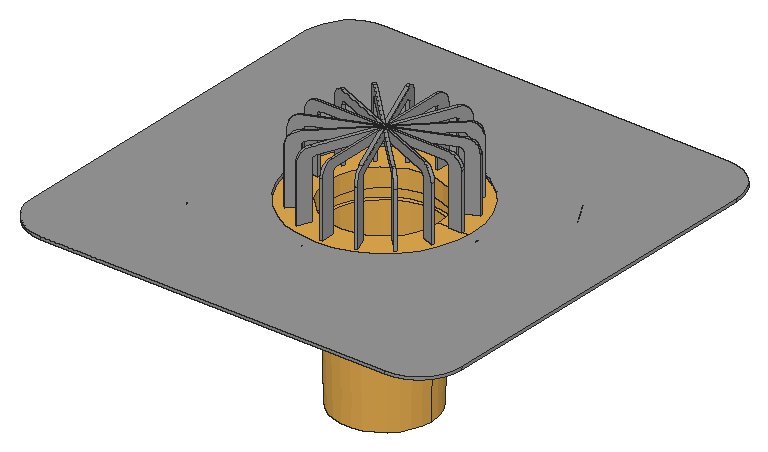
Revit family "TOPWET_Střešní vpust TW(E) 110 S", category Instalační zařizovací předměty, Revit 2016 (continued)
Definition of nested family "Perforovaný terasový nástavec TW TER P"
  Nested families
    nested 6: "Kroužek" at (0, 0, -54.45), visible <- "VK", type "Kroužek"
      with R 64.5 mm, D 129 mm
    nested 7: "Kroužek" at (0, 0, -64.1), visible <- "VK", type "Kroužek"
      with R 64.5 mm, D 129 mm
    nested 8: "Kroužek" at (0, 0, -73.75), visible <- "VK", type "Kroužek"
      with R 64.5 mm, D 129 mm
    nested 9: "Kroužek" at (0, 0, -83.4), visible <- "VK", type "Kroužek"
      with R 64.5 mm, D 129 mm
    nested 10: "Kroužek" at (0, 0, -93.05), visible <- "VK", type "Kroužek"
      with R 64.5 mm, D 129 mm
    nested 11: "Odvodňovací kroužek pro ochranný koš TW ODK" at (0, 0, -161), visible <- "VN2", type "Odvodňovací kroužek pro ochranný koš TW ODK"
      with Seříznutí 0 mm
    nested 12: "Odvodňovací kroužek pro ochranný koš TW ODK" at (0, 0, -194), visible <- "VN1", type "Odvodňovací kroužek pro ochranný koš TW ODK"
      with Seříznutí 0 mm
    nested 13: "Kroužek" at (0, 0, -102.7), visible <- "VK", type "Kroužek"
      with R 64.5 mm, D 129 mm
    nested 14: "Kroužek" at (0, 0, -112.35), visible <- "VK", type "Kroužek"
      with R 64.5 mm, D 129 mm
  Definition of nested family "Kroužek"
    Parameters (values of type "Kroužek")
      Manufacturer = ""
      URL = "⁫‌⁪‭⁡​‭​​​​​​​​​​​ ​​‍⁣⁢ ‎ ​⁤‭‎‎​‌​ ​⁣‌ ⁡‪​ ‪‭ ​⁢‎‎⁤‎‭‪‭‌​⁡‭ ‭‍ ⁡‬‭​⁣ ‌‪‭‍‍ ‍  ⁤‎⁢‎​‬‍ ‍ ‬⁤⁪‎⁪‪⁡⁢​⁣‬⁤‪⁡‎⁪⁢‬ ⁢‪⁪⁤⁡⁡‎​⁢ ‎‎‪‌⁢‎ ⁢‬‎⁣⁤⁤⁡‬‎‌⁪   ‭⁣‬⁡⁪‪‪‭⁣⁢‪​   ⁢⁣⁪‬⁣⁣‎ ⁢⁤‬‪  ⁪‬⁪‍​⁤ ‌⁪ ‭⁪⁣⁡ ‌  ‎‌‌⁡‌⁤⁣ ‍  ​  ‎⁣‍ ⁤‎⁢⁤⁡‭⁤‌⁣⁣‭‍⁤‪⁣  ⁢ ⁢   ‬‍‭ ‪⁢⁤⁢⁢​‎‍‍ ​‍‬  ‭⁣​‍‬ ⁪  ​‎⁢ ‭‍⁡‪ ⁢ ⁪  ‍   ‪⁤‬‌‍⁪ ⁣‬‪​‬⁤⁢​‌  ‬​ ​ ⁢​⁢​‭‪  ​‭  ‍⁣​‭‍  ‌⁡⁣‌  ​ ⁢‌   ‍‎ ⁤⁣‌‬‬‎ ⁣⁡‪ ⁪⁢‪​​​​​​⁫"
      R = D / 2  # 52 mm
      Description = ""
      Model = ""
      Type Comments = ""
      D = 104 mm
      Cost = 0
    Reference planes
      plane 1 "Střed (vpředu/vzadu)": y = 0
      plane 2: z = 0
      plane 3 "Střed (vlevo/vpravo)": x = 0
    Forms (mm)
      Revolve 1, solid, detail levels fine
        sketch origin (0, 0, 0) x (1, 0, 0) y (0, 0, 1)
          loop
            line (-52, 1.482) -> (-55.264, 0) -> (-52, -1.516) -> (-52, 1.482)
          axis (0, 1.482) -> (0, -1.516)
        angle from 0 to 360
    Dimensions and locks
      "R": Revolve 1 sketch curve to plane 3 "Střed (vlevo/vpravo)"
      aligned and locked: level to plane 2
      aligned and locked: Revolve 1 sketch curve to plane 3 "Střed (vlevo/vpravo)"
    Automatic sketch dimensions
      Revolve 1 sketch curve to level = 0 mm
      Revolve 1 sketch curve to Revolve 1 sketch curve = 3.264 mm
      Revolve 1 sketch curve to level = 1.516 mm
      level to Revolve 1 sketch curve = 1.482 mm
      Revolve 1 sketch curve to level = 381 mm
      Revolve 1 sketch curve to Revolve 1 sketch curve = 2212.833 mm
  Definition of nested family "Odvodňovací kroužek pro ochranný koš TW ODK"
    Parameters (values of type "Odvodňovací kroužek pro ochranný koš TW ODK")
      Manufacturer = "TOPWET"  # constant formula
      URL = "http://topwet.cz/produkty/269-odvodnovaci-krouzek"
      Seříznutí [instance] = 0 mm
      Description = "Příslušenství vpusti"
      OBJEDNACÍ KÓD [instance] = "TW ODK"
      OBJEDNACÍ KOMENTÁŘ [instance] = "TW ODK, Odvodňovací kroužek"
      Model = ""  # constant formula
      Type Comments = ""  # constant formula
      Keynote = "TW ODK"
      Cost = 0
      COPYRIGHT = "©TOPWET"  # constant formula
    Reference planes
      plane 1 "Střed (vpředu/vzadu)": y = 0
      plane 2: z = 0
      plane 3 "Střed (vlevo/vpravo)": x = 0
      plane 4: z = -33
      plane 5: z = -33
      plane 6: z = -33
    Forms (mm)
      Extrusion 1, solid, detail levels medium+fine
        sketch origin (0, 0, 0) x (1, 0, 0) y (0, 1, 0)
          loop
            circle (0, 0) r 64.5
          loop
            circle (0, 0) r 67.5
        from 15 to -18
      Sweep 2, void
        path origin (0, 0, 0) x (0.987688, 0.156434, 0) y (-0.156434, 0.987688, 0)
          loop
            line (0, -72.5) -> (0, 72.5)
        profile origin (0, 0, 0) x (-0.987688, -0.156434, 0) y (0, 0, 1)
          loop
            line (7.4, -18) -> (7.4, -4.2)
            arc (7.4, -4.2) -> (6.521, -2.079) -> (4.4, -1.2) r 3
            line (4.4, -1.2) -> (-4.4, -1.2)
            arc (-4.4, -1.2) -> (-6.521, -2.079) -> (-7.4, -4.2) r 3
            line (-7.4, -4.2) -> (-7.4, -18) -> (7.4, -18)
      Sweep 3, void
        path origin (0, 0, 0) x (0.891007, 0.45399, 0) y (-0.45399, 0.891007, 0)
          loop
            line (0, -72.5) -> (0, 72.5)
        profile origin (0, 0, 0) x (-0.891007, -0.45399, 0) y (0, 0, 1)
          loop
            line (7.4, -18) -> (7.4, -4.2)
            arc (7.4, -4.2) -> (6.521, -2.079) -> (4.4, -1.2) r 3
            line (4.4, -1.2) -> (-4.4, -1.2)
            arc (-4.4, -1.2) -> (-6.521, -2.079) -> (-7.4, -4.2) r 3
            line (-7.4, -4.2) -> (-7.4, -18) -> (7.4, -18)
      Sweep 4, void
        path origin (0, 0, 0) x (0.707107, 0.707107, 0) y (-0.707107, 0.707107, 0)
          loop
            line (0, -72.5) -> (0, 72.5)
        profile origin (0, 0, 0) x (-0.707107, -0.707107, 0) y (0, 0, 1)
          loop
            line (7.4, -18) -> (7.4, -4.2)
            arc (7.4, -4.2) -> (6.521, -2.079) -> (4.4, -1.2) r 3
            line (4.4, -1.2) -> (-4.4, -1.2)
            arc (-4.4, -1.2) -> (-6.521, -2.079) -> (-7.4, -4.2) r 3
            line (-7.4, -4.2) -> (-7.4, -18) -> (7.4, -18)
      Sweep 5, void
        path origin (0, 0, 0) x (0.45399, 0.891007, 0) y (-0.891007, 0.45399, 0)
          loop
            line (0, -72.5) -> (0, 72.5)
        profile origin (0, 0, 0) x (-0.45399, -0.891007, 0) y (0, 0, 1)
          loop
            line (7.4, -18) -> (7.4, -4.2)
            arc (7.4, -4.2) -> (6.521, -2.079) -> (4.4, -1.2) r 3
            line (4.4, -1.2) -> (-4.4, -1.2)
            arc (-4.4, -1.2) -> (-6.521, -2.079) -> (-7.4, -4.2) r 3
            line (-7.4, -4.2) -> (-7.4, -18) -> (7.4, -18)
      Sweep 6, void
        path origin (0, 0, 0) x (0.156434, 0.987688, 0) y (-0.987688, 0.156434, 0)
          loop
            line (0, -72.5) -> (0, 72.5)
        profile origin (0, 0, 0) x (-0.156434, -0.987688, 0) y (0, 0, 1)
          loop
            line (7.4, -18) -> (7.4, -4.2)
            arc (7.4, -4.2) -> (6.521, -2.079) -> (4.4, -1.2) r 3
            line (4.4, -1.2) -> (-4.4, -1.2)
            arc (-4.4, -1.2) -> (-6.521, -2.079) -> (-7.4, -4.2) r 3
            line (-7.4, -4.2) -> (-7.4, -18) -> (7.4, -18)
      Sweep 7, void
        path origin (0, 0, 0) x (-0.987688, 0.156434, 0) y (0.156434, 0.987688, 0)
          loop
            line (0, -72.5) -> (0, 72.5)
        profile origin (0, 0, 0) x (-0.987688, 0.156434, 0) y (0, 0, 1)
          loop
            line (-7.4, -18) -> (7.4, -18) -> (7.4, -4.2)
            arc (7.4, -4.2) -> (6.521, -2.079) -> (4.4, -1.2) r 3
            line (4.4, -1.2) -> (-4.4, -1.2)
            arc (-4.4, -1.2) -> (-6.521, -2.079) -> (-7.4, -4.2) r 3
            line (-7.4, -4.2) -> (-7.4, -18)
      Sweep 8, void
        path origin (0, 0, 0) x (-0.891007, 0.45399, 0) y (0.45399, 0.891007, 0)
          loop
            line (0, -72.5) -> (0, 72.5)
        profile origin (0, 0, 0) x (-0.891007, 0.45399, 0) y (0, 0, 1)
          loop
            line (-7.4, -18) -> (7.4, -18) -> (7.4, -4.2)
            arc (7.4, -4.2) -> (6.521, -2.079) -> (4.4, -1.2) r 3
            line (4.4, -1.2) -> (-4.4, -1.2)
            arc (-4.4, -1.2) -> (-6.521, -2.079) -> (-7.4, -4.2) r 3
            line (-7.4, -4.2) -> (-7.4, -18)
      Sweep 9, void
        path origin (0, 0, 0) x (-0.707107, 0.707107, 0) y (0.707107, 0.707107, 0)
          loop
            line (0, -72.5) -> (0, 72.5)
        profile origin (0, 0, 0) x (-0.707107, 0.707107, 0) y (0, 0, 1)
          loop
            line (-7.4, -18) -> (7.4, -18) -> (7.4, -4.2)
            arc (7.4, -4.2) -> (6.521, -2.079) -> (4.4, -1.2) r 3
            line (4.4, -1.2) -> (-4.4, -1.2)
            arc (-4.4, -1.2) -> (-6.521, -2.079) -> (-7.4, -4.2) r 3
            line (-7.4, -4.2) -> (-7.4, -18)
      Sweep 10, void
        path origin (0, 0, 0) x (-0.45399, 0.891007, 0) y (0.891007, 0.45399, 0)
          loop
            line (0, -72.5) -> (0, 72.5)
        profile origin (0, 0, 0) x (-0.45399, 0.891007, 0) y (0, 0, 1)
          loop
            line (-7.4, -18) -> (7.4, -18) -> (7.4, -4.2)
            arc (7.4, -4.2) -> (6.521, -2.079) -> (4.4, -1.2) r 3
            line (4.4, -1.2) -> (-4.4, -1.2)
            arc (-4.4, -1.2) -> (-6.521, -2.079) -> (-7.4, -4.2) r 3
            line (-7.4, -4.2) -> (-7.4, -18)
      Sweep 11, void
        path origin (0, 0, 0) x (-0.156434, 0.987688, 0) y (0.987688, 0.156434, 0)
          loop
            line (0, -72.5) -> (0, 72.5)
        profile origin (0, 0, 0) x (-0.156434, 0.987688, 0) y (0, 0, 1)
          loop
            line (-7.4, -18) -> (7.4, -18) -> (7.4, -4.2)
            arc (7.4, -4.2) -> (6.521, -2.079) -> (4.4, -1.2) r 3
            line (4.4, -1.2) -> (-4.4, -1.2)
            arc (-4.4, -1.2) -> (-6.521, -2.079) -> (-7.4, -4.2) r 3
            line (-7.4, -4.2) -> (-7.4, -18)
      Extrusion 12, solid, detail levels medium+fine
        sketch origin (0, 0, 0) x (1, 0, 0) y (0, 1, 0)
          loop
            circle (0, 0) r 60
          loop
            circle (0, 0) r 64.5
        from -18 to -33
      Extrusion 13, void
        sketch origin (0, -60, -33) x (0, 1, 0) y (-1, 0, 0)
          loop
            circle (60, 0) r 70
        from -10 to 0 <- "Seříznutí"
    Cuts and joins
      Sweep 2, Sweep 3, Sweep 4, Sweep 5, Sweep 6, Sweep 7, Sweep 8, Sweep 9, Sweep 10, Sweep 11, Extrusion 13 cuts Extrusion 1
      Extrusion 13 cuts Extrusion 12
    Dimensions and locks
      "Seříznutí": plane 5 to plane 4
      locked: plane 6 to plane 5 at 0
      aligned and locked: level to plane 2
    Automatic sketch dimensions
      Extrusion 1 sketch curve to Extrusion 1 sketch curve = 0 mm  (x2)
      plane 1 "Střed (vpředu/vzadu)" to Extrusion 1 sketch curve = 0 mm
      Extrusion 1 sketch curve to plane 3 "Střed (vlevo/vpravo)" = 0 mm
      Sweep 2 sketch curve to plane 3 "Střed (vlevo/vpravo)" = 11.341 mm
      Sweep 2 sketch curve to plane 1 "Střed (vpředu/vzadu)" = 71.607 mm
      Sweep 2 sketch curve to Sweep 2 sketch curve = 145 mm
      profile plane to Sweep 2 sketch curve = 7.4 mm
      Sweep 2 sketch curve to level = 1.2 mm
      Sweep 2 sketch curve to Sweep 2 sketch curve = 3 mm
      Sweep 2 sketch curve to profile plane = 4.4 mm
      Sweep 2 sketch curve to profile plane = 7.4 mm
      Sweep 2 sketch curve to Sweep 2 sketch curve = 13.8 mm
      Sweep 3 sketch curve to plane 3 "Střed (vlevo/vpravo)" = 32.914 mm
      Sweep 3 sketch curve to plane 1 "Střed (vpředu/vzadu)" = 64.598 mm
      Sweep 3 sketch curve to Sweep 3 sketch curve = 145 mm
      profile plane to Sweep 3 sketch curve = 7.4 mm
      Sweep 3 sketch curve to level = 1.2 mm
      Sweep 3 sketch curve to Sweep 3 sketch curve = 3 mm
      Sweep 3 sketch curve to profile plane = 4.4 mm
      Sweep 3 sketch curve to profile plane = 7.4 mm
      Sweep 3 sketch curve to Sweep 3 sketch curve = 13.8 mm
      Sweep 4 sketch curve to plane 1 "Střed (vpředu/vzadu)" = 51.265 mm
      Sweep 4 sketch curve to plane 3 "Střed (vlevo/vpravo)" = 51.265 mm
      Sweep 4 sketch curve to Sweep 4 sketch curve = 145 mm
      profile plane to Sweep 4 sketch curve = 7.4 mm
      Sweep 4 sketch curve to level = 1.2 mm
      Sweep 4 sketch curve to Sweep 4 sketch curve = 3 mm
      Sweep 4 sketch curve to profile plane = 4.4 mm
      Sweep 4 sketch curve to profile plane = 7.4 mm
      Sweep 4 sketch curve to Sweep 4 sketch curve = 13.8 mm
      Sweep 5 sketch curve to plane 1 "Střed (vpředu/vzadu)" = 32.914 mm
      Sweep 5 sketch curve to plane 3 "Střed (vlevo/vpravo)" = 64.598 mm
      Sweep 5 sketch curve to Sweep 5 sketch curve = 145 mm
      profile plane to Sweep 5 sketch curve = 7.4 mm
      Sweep 5 sketch curve to level = 1.2 mm
      Sweep 5 sketch curve to Sweep 5 sketch curve = 3 mm
      Sweep 5 sketch curve to profile plane = 4.4 mm
      Sweep 5 sketch curve to profile plane = 7.4 mm
      Sweep 5 sketch curve to Sweep 5 sketch curve = 13.8 mm
      Sweep 6 sketch curve to plane 1 "Střed (vpředu/vzadu)" = 11.341 mm
      Sweep 6 sketch curve to plane 3 "Střed (vlevo/vpravo)" = 71.607 mm
      Sweep 6 sketch curve to Sweep 6 sketch curve = 145 mm
      profile plane to Sweep 6 sketch curve = 7.4 mm
      Sweep 6 sketch curve to level = 1.2 mm
      Sweep 6 sketch curve to Sweep 6 sketch curve = 3 mm
      Sweep 6 sketch curve to profile plane = 4.4 mm
      Sweep 6 sketch curve to profile plane = 7.4 mm
      Sweep 6 sketch curve to Sweep 6 sketch curve = 13.8 mm
      Sweep 7 sketch curve to plane 3 "Střed (vlevo/vpravo)" = 11.341 mm
      plane 1 "Střed (vpředu/vzadu)" to Sweep 7 sketch curve = 71.607 mm
      Sweep 7 sketch curve to Sweep 7 sketch curve = 145 mm
      profile plane to Sweep 7 sketch curve = 7.4 mm
      Sweep 7 sketch curve to level = 1.2 mm
      Sweep 7 sketch curve to Sweep 7 sketch curve = 3 mm
      Sweep 7 sketch curve to profile plane = 4.4 mm
      Sweep 7 sketch curve to profile plane = 7.4 mm
      Sweep 7 sketch curve to Sweep 7 sketch curve = 13.8 mm
      Sweep 8 sketch curve to plane 3 "Střed (vlevo/vpravo)" = 32.914 mm
      plane 1 "Střed (vpředu/vzadu)" to Sweep 8 sketch curve = 64.598 mm
      Sweep 8 sketch curve to Sweep 8 sketch curve = 145 mm
      profile plane to Sweep 8 sketch curve = 7.4 mm
      Sweep 8 sketch curve to level = 1.2 mm
      Sweep 8 sketch curve to Sweep 8 sketch curve = 3 mm
      Sweep 8 sketch curve to profile plane = 4.4 mm
      Sweep 8 sketch curve to profile plane = 7.4 mm
      Sweep 8 sketch curve to Sweep 8 sketch curve = 13.8 mm
      plane 1 "Střed (vpředu/vzadu)" to Sweep 9 sketch curve = 51.265 mm
      Sweep 9 sketch curve to plane 3 "Střed (vlevo/vpravo)" = 51.265 mm
      Sweep 9 sketch curve to Sweep 9 sketch curve = 145 mm
      profile plane to Sweep 9 sketch curve = 7.4 mm
      Sweep 9 sketch curve to level = 1.2 mm
      Sweep 9 sketch curve to Sweep 9 sketch curve = 3 mm
      Sweep 9 sketch curve to profile plane = 4.4 mm
      Sweep 9 sketch curve to profile plane = 7.4 mm
      Sweep 9 sketch curve to Sweep 9 sketch curve = 13.8 mm
      plane 1 "Střed (vpředu/vzadu)" to Sweep 10 sketch curve = 32.914 mm
      Sweep 10 sketch curve to plane 3 "Střed (vlevo/vpravo)" = 64.598 mm
      Sweep 10 sketch curve to Sweep 10 sketch curve = 145 mm
      profile plane to Sweep 10 sketch curve = 7.4 mm
      Sweep 10 sketch curve to level = 1.2 mm
      Sweep 10 sketch curve to Sweep 10 sketch curve = 3 mm
      Sweep 10 sketch curve to profile plane = 4.4 mm
      Sweep 10 sketch curve to profile plane = 7.4 mm
      Sweep 10 sketch curve to Sweep 10 sketch curve = 13.8 mm
      plane 1 "Střed (vpředu/vzadu)" to Sweep 11 sketch curve = 11.341 mm
      Sweep 11 sketch curve to plane 3 "Střed (vlevo/vpravo)" = 71.607 mm
      Sweep 11 sketch curve to Sweep 11 sketch curve = 145 mm
      profile plane to Sweep 11 sketch curve = 7.4 mm
      Sweep 11 sketch curve to level = 1.2 mm
      Sweep 11 sketch curve to Sweep 11 sketch curve = 3 mm
      Sweep 11 sketch curve to profile plane = 4.4 mm
      Sweep 11 sketch curve to profile plane = 7.4 mm
      Sweep 11 sketch curve to Sweep 11 sketch curve = 13.8 mm
      Extrusion 12 sketch curve to Extrusion 12 sketch curve = 0 mm  (x2)
      plane 1 "Střed (vpředu/vzadu)" to Extrusion 12 sketch curve = 0 mm
      Extrusion 12 sketch curve to plane 3 "Střed (vlevo/vpravo)" = 0 mm
      plane 1 "Střed (vpředu/vzadu)" to Extrusion 13 sketch curve = 0 mm
      Extrusion 13 sketch curve to plane 3 "Střed (vlevo/vpravo)" = 0 mm
      radius of Extrusion 1 sketch curve = 64.5 mm
      radius of Extrusion 1 sketch curve = 67.5 mm
      radius of Extrusion 12 sketch curve = 60 mm
      radius of Extrusion 12 sketch curve = 64.5 mm
      radius of Extrusion 13 sketch curve = 70 mm
Definition of nested family "Plochý ochranný koš TW PLK"
  Parameters (values of type "Plochý ochranný koš TW PLK")
    Manufacturer = "TOPWET"  # constant formula
    URL = "http://www.topwet.cz/produkty/268-plochy-pochozi-ochranny-kos"
    Type Image = element 872689
    Description = "Příslušenství vpusti"
    OBJEDNACÍ KÓD [instance] = "TW PLK"
    Model = "viz OBJEDNACÍ KÓD"
    Type Comments = "Plochý pochozí ochranný koš TOPWET určený pro provozní typy střech, teras a balkónů. Provedení ze silnostěnného polyamidu PA6 UV Stabil. Výška nad úroveň hydroizolace 10 mm."
    Keynote = ""
    Cost = 0
    COPYRIGHT = "©TOPWET"  # constant formula
  Reference planes
    plane 1 "Střed (vpředu/vzadu)": y = 0
    plane 2: z = 0
    plane 3 "Střed (vlevo/vpravo)": x = 0
    plane 4: z = -3
  Forms (mm)
    Revolve 1, solid, detail levels medium+fine
      sketch origin (0, 0, 0) x (1, 0, 0) y (0, 0, 1)
        loop
          line (0, 0) -> (60, 0) -> (60, -15) -> (64.5, -15) -> (64.5, 0) -> (68, 0) -> (68, 2.899)
          arc (68, 2.899) -> (67.639, 4.326) -> (66.643, 5.41) r 3
          arc (66.643, 5.41) -> (58.557, 8.832) -> (49.854, 10) r 32.995
          line (49.854, 10) -> (0, 10) -> (0, 0)
        axis (0, -15) -> (0, 10)
      angle from 0 to 360
    Extrusion 2, void
      sketch origin (-139.84, -1524, -133) x (-1, 0, 0) y (0, -1, 0)
        loop
          line (-129.297, -1529.188) -> (-83.675, -1562.334)
          arc (-83.675, -1562.334) -> (-75.168, -1545.013) -> (-71.87, -1526) r 68
          line (-71.87, -1526) -> (-128.262, -1526)
          arc (-128.262, -1526) -> (-128.665, -1527.631) -> (-129.297, -1529.188) r 11.75
        loop
          line (-86.026, -1565.57) -> (-131.649, -1532.424)
          arc (-131.649, -1532.424) -> (-132.934, -1533.506) -> (-134.36, -1534.394) r 11.75
          line (-134.36, -1534.394) -> (-116.934, -1588.026)
          arc (-116.934, -1588.026) -> (-99.871, -1579.013) -> (-86.026, -1565.57) r 68
        loop
          arc (-158.942, -1589.262) -> (-139.84, -1592) -> (-120.738, -1589.262) r 68
          line (-120.738, -1589.262) -> (-138.164, -1535.63)
          arc (-138.164, -1535.63) -> (-139.84, -1535.75) -> (-141.516, -1535.63) r 11.75
          line (-141.516, -1535.63) -> (-158.942, -1589.262)
        loop
          arc (-145.32, -1534.394) -> (-146.747, -1533.506) -> (-148.032, -1532.424) r 11.75
          line (-148.032, -1532.424) -> (-193.654, -1565.57)
          arc (-193.654, -1565.57) -> (-179.81, -1579.013) -> (-162.746, -1588.026) r 68
          line (-162.746, -1588.026) -> (-145.32, -1534.394)
        loop
          arc (-150.383, -1529.188) -> (-151.015, -1527.631) -> (-151.419, -1526) r 11.75
          line (-151.419, -1526) -> (-207.811, -1526)
          arc (-207.811, -1526) -> (-204.512, -1545.013) -> (-196.005, -1562.334) r 68
          line (-196.005, -1562.334) -> (-150.383, -1529.188)
        loop
          line (-150.383, -1518.812) -> (-196.005, -1485.666)
          arc (-196.005, -1485.666) -> (-204.512, -1502.987) -> (-207.811, -1522) r 68
          line (-207.811, -1522) -> (-151.419, -1522)
          arc (-151.419, -1522) -> (-151.015, -1520.369) -> (-150.383, -1518.812) r 11.75
        loop
          line (-193.654, -1482.43) -> (-148.032, -1515.576)
          arc (-148.032, -1515.576) -> (-146.747, -1514.494) -> (-145.32, -1513.606) r 11.75
          line (-145.32, -1513.606) -> (-162.746, -1459.974)
          arc (-162.746, -1459.974) -> (-179.81, -1468.987) -> (-193.654, -1482.43) r 68
        loop
          arc (-120.738, -1458.738) -> (-139.84, -1456) -> (-158.942, -1458.738) r 68
          line (-158.942, -1458.738) -> (-141.516, -1512.37)
          arc (-141.516, -1512.37) -> (-139.84, -1512.25) -> (-138.164, -1512.37) r 11.75
          line (-138.164, -1512.37) -> (-120.738, -1458.738)
        loop
          line (-116.934, -1459.974) -> (-134.36, -1513.606)
          arc (-134.36, -1513.606) -> (-132.934, -1514.494) -> (-131.649, -1515.576) r 11.75
          line (-131.649, -1515.576) -> (-86.026, -1482.43)
          arc (-86.026, -1482.43) -> (-99.871, -1468.987) -> (-116.934, -1459.974) r 68
        loop
          line (-83.675, -1485.666) -> (-129.297, -1518.812)
          arc (-129.297, -1518.812) -> (-128.665, -1520.369) -> (-128.262, -1522) r 11.75
          line (-128.262, -1522) -> (-71.87, -1522)
          arc (-71.87, -1522) -> (-75.168, -1502.987) -> (-83.675, -1485.666) r 68
      from 133 to 143.788
  Cuts and joins
    Extrusion 2 cuts Revolve 1
  Dimensions and locks
    aligned and locked: level to plane 2
Definition of nested family "Šachta pro zelené střechy"
  Parameters (values of type "TWZ 400x400")
    Výška_Minimální = 43 mm  # constant formula
    Výška_Maximální = 2036 mm  # constant formula
    Výška [instance] = 336 mm
    Type Image = element 912559
    SN [instance] = (Počet lamel) * 100 mm - (Výška - 36 mm)  # 0 mm
    S1 [instance] = if(Výška < 136 mm, 136 mm - Výška, 0 mm)  # 0 mm
    Počet lamel [instance] = roundup((Výška - 36 mm) / 100 mm)  # 3
    Manufacturer = "TOPWET"  # constant formula
    URL = "http://www.topwet.cz/produkty/92-sachta-pro-zelene-strechy-vyska-na-zakazku"
    Description = "Příslušenství vpusti"
    PP [instance] = if(Počet lamel - 1 < 2, 2, Počet lamel - 1)  # 2
    P = K = 390 mm  # yes
    ON [instance] = -Výška + 100 mm - SN  # -236 mm
    OBJEDNACÍ KÓD [instance] = size_lookup(Lookup Table Name 2, "", "NOT SPECIFIED", H)  # "TWZ 400x400x330"
    O1 = -36 mm  # constant formula
    Model = "viz OBJEDNACÍ KÓD"
    Lookup Table Name 2 = "TWZ 400x400_typy"
    Lookup Table Name = "TWZ 400x400_komentáře"
    Lamela = Lamela 380x380 : Lamela 380x380
    LAP [instance] = Počet lamel > 2  # yes
    LAN [instance] = Počet lamel > 1  # yes
    LA1 [instance] = or(not(Výška > 136 mm), Počet lamel = 2)  # no
    Kontrola [instance] = not(or(Výška > Výška_Maximální, Výška < Výška_Minimální))  # yes
    Type Comments = "Šachta pro zelené střechy, výška na zakázku dle mocnosti vegetačního souvrství, včetně plastové krycí mřížky"
    Keynote = ""
    KO [instance] = if(Kontrola, -43 mm, 0 mm)  # -43 mm
    K = 390 mm
    H [instance] = Počet lamel * 100 mm + 30 mm  # 330 mm
    Cost = 0
    COPYRIGHT = "©TOPWET"  # constant formula
  Types (2, lengths in mm): name | Type Image | P | OBJEDNACÍ KÓD | Lookup Table Name 2 | Lookup Table Name | Lamela | K
    TWZ 300x300 | element 912557 | no | "TWZ 300x300x330" | "TWZ 300x300_typy" | "TWZ 300x300_komentáře" | Lamela 280x280 : Lamela 280x280 | 290
    TWZ 400x400 | element 912559 | yes | "TWZ 400x400x330" | "TWZ 400x400_typy" | "TWZ 400x400_komentáře" | Lamela 380x380 : Lamela 380x380 | 390
  Reference planes
    plane 1 "Střed (vpředu/vzadu)": y = 0
    plane 2: z = 0
    plane 3 "Střed (vlevo/vpravo)": x = 0
    plane 4 "Výška": z = -336
  Forms (mm)
    Extrusion 1, solid, detail levels medium+fine
      sketch origin (0, 0, 0) x (1, 0, 0) y (0, 1, 0)
        loop
          line (-195, 195) -> (-195, -195) -> (195, -195) -> (195, 195) -> (-195, 195)
        loop
          line (-191, 191) -> (-191, -191) -> (191, -191) -> (191, 191) -> (-191, 191)
      from 0 to -43 <- "KO"
    Extrusion 2, solid, detail levels medium+fine
      sketch origin (0, 0, 0) x (1, 0, 0) y (0, 1, 0)
        loop
          line (-213, 213) -> (-213, -213) -> (213, -213) -> (213, 213) -> (-213, 213)
        loop
          line (-191, 191) -> (-191, -191) -> (191, -191) -> (191, 191) -> (-191, 191)
      from -43 to -40
    Extrusion 3, solid, detail levels medium+fine
      sketch origin (0, 0, 0) x (1, 0, 0) y (0, 1, 0)
        loop
          line (-195, -195) -> (195, -195) -> (195, 195) -> (-195, 195) -> (-195, -195)
      from -4 to 0
  Cuts and joins
    joined: Extrusion 1, Extrusion 2
  Lines and regions (mm)
    model lines, not visible, detail levels fine
      curve 1: circle (0, 0, 43) r 10 normal (0, 0, 1)
      curve 2: line (-15, 23.5, 43) -> (15, 23.5, 43)
      curve 3: line (-15, 38.5, 43) -> (15, 38.5, 43)
      curve 4: line (-15, 53.5, 43) -> (15, 53.5, 43)
      curve 5: line (-15, 68.5, 43) -> (15, 68.5, 43)
      curve 6: line (-15, 83.5, 43) -> (15, 83.5, 43)
      curve 7: line (-15, 98.5, 43) -> (15, 98.5, 43)
      curve 8: line (-15, 113.5, 43) -> (15, 113.5, 43)
      curve 9: line (-15, 128.5, 43) -> (15, 128.5, 43)
      curve 16: line (-26, 128.5, 43) -> (-64, 128.5, 43)
      curve 17: line (-26, 113.5, 43) -> (-64, 113.5, 43)
      curve 18: line (-26, 98.5, 43) -> (-64, 98.5, 43)
      curve 19: line (-26, 83.5, 43) -> (-64, 83.5, 43)
      curve 20: line (-26, 68.5, 43) -> (-62.843, 68.5, 43)
      curve 21: line (-26, 53.5, 43) -> (-47.843, 53.5, 43)
      curve 22: line (-75, 98.5, 43) -> (-92.843, 98.5, 43)
      curve 23: line (-75, 113.5, 43) -> (-107.843, 113.5, 43)
      curve 24: line (-75, 128.5, 43) -> (-113, 128.5, 43)
      curve 34: line (-128.5, 26, 43) -> (-128.5, 64, 43)
      curve 35: line (-113.5, 26, 43) -> (-113.5, 64, 43)
      curve 36: line (-98.5, 26, 43) -> (-98.5, 64, 43)
      curve 37: line (-83.5, 26, 43) -> (-83.5, 64, 43)
      curve 38: line (-68.5, 26, 43) -> (-68.5, 62.843, 43)
      curve 39: line (-53.5, 26, 43) -> (-53.5, 47.843, 43)
      curve 40: line (-98.5, 75, 43) -> (-98.5, 92.843, 43)
      curve 41: line (-113.5, 75, 43) -> (-113.5, 107.843, 43)
      curve 42: line (-128.5, 75, 43) -> (-128.5, 113, 43)
      curve 49: line (-23.5, 15, 43) -> (-23.5, -15, 43)
      curve 50: line (-38.5, 15, 43) -> (-38.5, -15, 43)
      curve 51: line (-53.5, 15, 43) -> (-53.5, -15, 43)
      curve 52: line (-68.5, 15, 43) -> (-68.5, -15, 43)
      curve 53: line (-83.5, 15, 43) -> (-83.5, -15, 43)
      curve 54: line (-98.5, 15, 43) -> (-98.5, -15, 43)
      curve 55: line (-113.5, 15, 43) -> (-113.5, -15, 43)
      curve 56: line (-128.5, 15, 43) -> (-128.5, -15, 43)
      curve 63: line (26, 128.5, 43) -> (64, 128.5, 43)
      curve 64: line (26, 113.5, 43) -> (64, 113.5, 43)
      curve 65: line (26, 98.5, 43) -> (64, 98.5, 43)
      curve 66: line (26, 83.5, 43) -> (64, 83.5, 43)
      curve 67: line (26, 68.5, 43) -> (62.843, 68.5, 43)
      curve 68: line (26, 53.5, 43) -> (47.843, 53.5, 43)
      curve 69: line (75, 98.5, 43) -> (92.843, 98.5, 43)
      curve 70: line (75, 113.5, 43) -> (107.843, 113.5, 43)
      curve 71: line (75, 128.5, 43) -> (113, 128.5, 43)
      curve 81: line (128.5, 26, 43) -> (128.5, 64, 43)
      curve 82: line (113.5, 26, 43) -> (113.5, 64, 43)
      curve 83: line (98.5, 26, 43) -> (98.5, 64, 43)
      curve 84: line (83.5, 26, 43) -> (83.5, 64, 43)
      curve 85: line (68.5, 26, 43) -> (68.5, 62.843, 43)
      curve 86: line (53.5, 26, 43) -> (53.5, 47.843, 43)
      curve 87: line (98.5, 75, 43) -> (98.5, 92.843, 43)
      curve 88: line (113.5, 75, 43) -> (113.5, 107.843, 43)
      curve 89: line (128.5, 75, 43) -> (128.5, 113, 43)
      curve 96: line (23.5, 15, 43) -> (23.5, -15, 43)
      curve 97: line (38.5, 15, 43) -> (38.5, -15, 43)
      curve 98: line (53.5, 15, 43) -> (53.5, -15, 43)
      curve 99: line (68.5, 15, 43) -> (68.5, -15, 43)
      curve 100: line (83.5, 15, 43) -> (83.5, -15, 43)
      curve 101: line (98.5, 15, 43) -> (98.5, -15, 43)
      curve 102: line (113.5, 15, 43) -> (113.5, -15, 43)
      curve 103: line (128.5, 15, 43) -> (128.5, -15, 43)
      curve 107: line (-15, -23.5, 43) -> (15, -23.5, 43)
      curve 108: line (-15, -38.5, 43) -> (15, -38.5, 43)
      curve 109: line (-15, -53.5, 43) -> (15, -53.5, 43)
      curve 110: line (-15, -68.5, 43) -> (15, -68.5, 43)
      curve 111: line (-15, -83.5, 43) -> (15, -83.5, 43)
      curve 112: line (-15, -98.5, 43) -> (15, -98.5, 43)
      curve 113: line (-15, -113.5, 43) -> (15, -113.5, 43)
      curve 114: line (-15, -128.5, 43) -> (15, -128.5, 43)
      curve 121: line (-26, -128.5, 43) -> (-64, -128.5, 43)
      curve 122: line (-26, -113.5, 43) -> (-64, -113.5, 43)
      curve 123: line (-26, -98.5, 43) -> (-64, -98.5, 43)
      curve 124: line (-26, -83.5, 43) -> (-64, -83.5, 43)
      curve 125: line (-26, -68.5, 43) -> (-62.843, -68.5, 43)
      curve 126: line (-26, -53.5, 43) -> (-47.843, -53.5, 43)
      curve 127: line (-75, -98.5, 43) -> (-92.843, -98.5, 43)
      curve 128: line (-75, -113.5, 43) -> (-107.843, -113.5, 43)
      curve 129: line (-75, -128.5, 43) -> (-113, -128.5, 43)
      curve 139: line (-128.5, -26, 43) -> (-128.5, -64, 43)
      curve 140: line (-113.5, -26, 43) -> (-113.5, -64, 43)
      curve 141: line (-98.5, -26, 43) -> (-98.5, -64, 43)
      curve 142: line (-83.5, -26, 43) -> (-83.5, -64, 43)
      curve 143: line (-68.5, -26, 43) -> (-68.5, -62.843, 43)
      curve 144: line (-53.5, -26, 43) -> (-53.5, -47.843, 43)
      curve 145: line (-98.5, -75, 43) -> (-98.5, -92.843, 43)
      curve 146: line (-113.5, -75, 43) -> (-113.5, -107.843, 43)
      curve 147: line (-128.5, -75, 43) -> (-128.5, -113, 43)
      curve 157: line (26, -128.5, 43) -> (64, -128.5, 43)
      curve 158: line (26, -113.5, 43) -> (64, -113.5, 43)
      curve 159: line (26, -98.5, 43) -> (64, -98.5, 43)
      curve 160: line (26, -83.5, 43) -> (64, -83.5, 43)
      curve 161: line (26, -68.5, 43) -> (62.843, -68.5, 43)
      curve 162: line (26, -53.5, 43) -> (47.843, -53.5, 43)
      curve 163: line (75, -98.5, 43) -> (92.843, -98.5, 43)
      curve 164: line (75, -113.5, 43) -> (107.843, -113.5, 43)
      curve 165: line (75, -128.5, 43) -> (113, -128.5, 43)
      curve 175: line (128.5, -26, 43) -> (128.5, -64, 43)
      curve 176: line (113.5, -26, 43) -> (113.5, -64, 43)
      curve 177: line (98.5, -26, 43) -> (98.5, -64, 43)
      curve 178: line (83.5, -26, 43) -> (83.5, -64, 43)
      curve 179: line (68.5, -26, 43) -> (68.5, -62.843, 43)
      curve 180: line (53.5, -26, 43) -> (53.5, -47.843, 43)
      curve 181: line (98.5, -75, 43) -> (98.5, -92.843, 43)
      curve 182: line (113.5, -75, 43) -> (113.5, -107.843, 43)
      curve 183: line (128.5, -75, 43) -> (128.5, -113, 43)
    model lines, visible <- "P", not visible, detail levels fine
      curve 10: line (-15, 143.5, 43) -> (15, 143.5, 43)
      curve 11: line (-15, 158.5, 43) -> (15, 158.5, 43)
      curve 12: line (-15, 173.5, 43) -> (15, 173.5, 43)
      curve 13: line (-26, 173.5, 43) -> (-64, 173.5, 43)
      curve 14: line (-26, 158.5, 43) -> (-64, 158.5, 43)
      curve 15: line (-26, 143.5, 43) -> (-64, 143.5, 43)
      curve 25: line (-75, 143.5, 43) -> (-113, 143.5, 43)
      curve 26: line (-75, 158.5, 43) -> (-113, 158.5, 43)
      curve 27: line (-124, 143.5, 43) -> (-137.843, 143.5, 43)
      curve 28: line (-124, 158.5, 43) -> (-152.843, 158.5, 43)
      curve 29: line (-124, 173.5, 43) -> (-167.753, 173.5, 43)
      curve 30: line (-113, 173.5, 43) -> (-75, 173.5, 43)
      curve 31: line (-173.5, 26, 43) -> (-173.5, 64, 43)
      curve 32: line (-158.5, 26, 43) -> (-158.5, 64, 43)
      curve 33: line (-143.5, 26, 43) -> (-143.5, 64, 43)
      curve 43: line (-143.5, 75, 43) -> (-143.5, 113, 43)
      curve 44: line (-158.5, 75, 43) -> (-158.5, 113, 43)
      curve 45: line (-143.5, 124, 43) -> (-143.5, 137.843, 43)
      curve 46: line (-158.5, 124, 43) -> (-158.5, 152.843, 43)
      curve 47: line (-173.5, 124, 43) -> (-173.5, 167.753, 43)
      curve 48: line (-173.5, 113, 43) -> (-173.5, 75, 43)
      curve 57: line (-143.5, 15, 43) -> (-143.5, -15, 43)
      curve 58: line (-158.5, 15, 43) -> (-158.5, -15, 43)
      curve 59: line (-173.5, 15, 43) -> (-173.5, -15, 43)
      curve 60: line (26, 173.5, 43) -> (64, 173.5, 43)
      curve 61: line (26, 158.5, 43) -> (64, 158.5, 43)
      curve 62: line (26, 143.5, 43) -> (64, 143.5, 43)
      curve 72: line (75, 143.5, 43) -> (113, 143.5, 43)
      curve 73: line (75, 158.5, 43) -> (113, 158.5, 43)
      curve 74: line (124, 143.5, 43) -> (137.843, 143.5, 43)
      curve 75: line (124, 158.5, 43) -> (152.843, 158.5, 43)
      curve 76: line (124, 173.5, 43) -> (167.753, 173.5, 43)
      curve 77: line (113, 173.5, 43) -> (75, 173.5, 43)
      curve 78: line (173.5, 26, 43) -> (173.5, 64, 43)
      curve 79: line (158.5, 26, 43) -> (158.5, 64, 43)
      curve 80: line (143.5, 26, 43) -> (143.5, 64, 43)
      curve 90: line (143.5, 75, 43) -> (143.5, 113, 43)
      curve 91: line (158.5, 75, 43) -> (158.5, 113, 43)
      curve 92: line (143.5, 124, 43) -> (143.5, 137.843, 43)
      curve 93: line (158.5, 124, 43) -> (158.5, 152.843, 43)
      curve 94: line (173.5, 124, 43) -> (173.5, 167.753, 43)
      curve 95: line (173.5, 113, 43) -> (173.5, 75, 43)
      curve 104: line (143.5, 15, 43) -> (143.5, -15, 43)
      curve 105: line (158.5, 15, 43) -> (158.5, -15, 43)
      curve 106: line (173.5, 15, 43) -> (173.5, -15, 43)
      curve 115: line (-15, -143.5, 43) -> (15, -143.5, 43)
      curve 116: line (-15, -158.5, 43) -> (15, -158.5, 43)
      curve 117: line (-15, -173.5, 43) -> (15, -173.5, 43)
      curve 118: line (-26, -173.5, 43) -> (-64, -173.5, 43)
      curve 119: line (-26, -158.5, 43) -> (-64, -158.5, 43)
      curve 120: line (-26, -143.5, 43) -> (-64, -143.5, 43)
      curve 130: line (-75, -143.5, 43) -> (-113, -143.5, 43)
      curve 131: line (-75, -158.5, 43) -> (-113, -158.5, 43)
      curve 132: line (-124, -143.5, 43) -> (-137.843, -143.5, 43)
      curve 133: line (-124, -158.5, 43) -> (-152.843, -158.5, 43)
      curve 134: line (-124, -173.5, 43) -> (-167.753, -173.5, 43)
      curve 135: line (-113, -173.5, 43) -> (-75, -173.5, 43)
      curve 136: line (-173.5, -26, 43) -> (-173.5, -64, 43)
      curve 137: line (-158.5, -26, 43) -> (-158.5, -64, 43)
      curve 138: line (-143.5, -26, 43) -> (-143.5, -64, 43)
      curve 148: line (-143.5, -75, 43) -> (-143.5, -113, 43)
      curve 149: line (-158.5, -75, 43) -> (-158.5, -113, 43)
      curve 150: line (-143.5, -124, 43) -> (-143.5, -137.843, 43)
      curve 151: line (-158.5, -124, 43) -> (-158.5, -152.843, 43)
      curve 152: line (-173.5, -124, 43) -> (-173.5, -167.753, 43)
      curve 153: line (-173.5, -113, 43) -> (-173.5, -75, 43)
      curve 154: line (26, -173.5, 43) -> (64, -173.5, 43)
      curve 155: line (26, -158.5, 43) -> (64, -158.5, 43)
      curve 156: line (26, -143.5, 43) -> (64, -143.5, 43)
      curve 166: line (75, -143.5, 43) -> (113, -143.5, 43)
      curve 167: line (75, -158.5, 43) -> (113, -158.5, 43)
      curve 168: line (124, -143.5, 43) -> (137.843, -143.5, 43)
      curve 169: line (124, -158.5, 43) -> (152.843, -158.5, 43)
      curve 170: line (124, -173.5, 43) -> (167.753, -173.5, 43)
      curve 171: line (113, -173.5, 43) -> (75, -173.5, 43)
      curve 172: line (173.5, -26, 43) -> (173.5, -64, 43)
      curve 173: line (158.5, -26, 43) -> (158.5, -64, 43)
      curve 174: line (143.5, -26, 43) -> (143.5, -64, 43)
      curve 184: line (143.5, -75, 43) -> (143.5, -113, 43)
      curve 185: line (158.5, -75, 43) -> (158.5, -113, 43)
      curve 186: line (143.5, -124, 43) -> (143.5, -137.843, 43)
      curve 187: line (158.5, -124, 43) -> (158.5, -152.843, 43)
      curve 188: line (173.5, -124, 43) -> (173.5, -167.753, 43)
      curve 189: line (173.5, -113, 43) -> (173.5, -75, 43)
    model lines, detail levels fine
      curve 190: circle (0, 0, 0) r 10 normal (0, 0, 1)
      curve 191: line (-15, 23.5, 0) -> (15, 23.5, 0)
      curve 192: line (-15, 38.5, 0) -> (15, 38.5, 0)
      curve 193: line (-15, 53.5, 0) -> (15, 53.5, 0)
      curve 194: line (-15, 68.5, 0) -> (15, 68.5, 0)
      curve 195: line (-15, 83.5, 0) -> (15, 83.5, 0)
      curve 196: line (-15, 98.5, 0) -> (15, 98.5, 0)
      curve 197: line (-15, 113.5, 0) -> (15, 113.5, 0)
      curve 198: line (-15, 128.5, 0) -> (15, 128.5, 0)
      curve 205: line (-26, 128.5, 0) -> (-64, 128.5, 0)
      curve 206: line (-26, 113.5, 0) -> (-64, 113.5, 0)
      curve 207: line (-26, 98.5, 0) -> (-64, 98.5, 0)
      curve 208: line (-26, 83.5, 0) -> (-64, 83.5, 0)
      curve 209: line (-26, 68.5, 0) -> (-62.843, 68.5, 0)
      curve 210: line (-26, 53.5, 0) -> (-47.843, 53.5, 0)
      curve 211: line (-75, 98.5, 0) -> (-92.843, 98.5, 0)
      curve 212: line (-75, 113.5, 0) -> (-107.843, 113.5, 0)
      curve 213: line (-75, 128.5, 0) -> (-113, 128.5, 0)
      curve 223: line (-128.5, 26, 0) -> (-128.5, 64, 0)
      curve 224: line (-113.5, 26, 0) -> (-113.5, 64, 0)
      curve 225: line (-98.5, 26, 0) -> (-98.5, 64, 0)
      curve 226: line (-83.5, 26, 0) -> (-83.5, 64, 0)
      curve 227: line (-68.5, 26, 0) -> (-68.5, 62.843, 0)
      curve 228: line (-53.5, 26, 0) -> (-53.5, 47.843, 0)
      curve 229: line (-98.5, 75, 0) -> (-98.5, 92.843, 0)
      curve 230: line (-113.5, 75, 0) -> (-113.5, 107.843, 0)
      curve 231: line (-128.5, 75, 0) -> (-128.5, 113, 0)
      curve 238: line (-23.5, 15, 0) -> (-23.5, -15, 0)
      curve 239: line (-38.5, 15, 0) -> (-38.5, -15, 0)
      curve 240: line (-53.5, 15, 0) -> (-53.5, -15, 0)
      curve 241: line (-68.5, 15, 0) -> (-68.5, -15, 0)
      curve 242: line (-83.5, 15, 0) -> (-83.5, -15, 0)
      curve 243: line (-98.5, 15, 0) -> (-98.5, -15, 0)
      curve 244: line (-113.5, 15, 0) -> (-113.5, -15, 0)
      curve 245: line (-128.5, 15, 0) -> (-128.5, -15, 0)
      curve 252: line (26, 128.5, 0) -> (64, 128.5, 0)
      curve 253: line (26, 113.5, 0) -> (64, 113.5, 0)
      curve 254: line (26, 98.5, 0) -> (64, 98.5, 0)
      curve 255: line (26, 83.5, 0) -> (64, 83.5, 0)
      curve 256: line (26, 68.5, 0) -> (62.843, 68.5, 0)
      curve 257: line (26, 53.5, 0) -> (47.843, 53.5, 0)
      curve 258: line (75, 98.5, 0) -> (92.843, 98.5, 0)
      curve 259: line (75, 113.5, 0) -> (107.843, 113.5, 0)
      curve 260: line (75, 128.5, 0) -> (113, 128.5, 0)
      curve 270: line (128.5, 26, 0) -> (128.5, 64, 0)
      curve 271: line (113.5, 26, 0) -> (113.5, 64, 0)
      curve 272: line (98.5, 26, 0) -> (98.5, 64, 0)
      curve 273: line (83.5, 26, 0) -> (83.5, 64, 0)
      curve 274: line (68.5, 26, 0) -> (68.5, 62.843, 0)
      curve 275: line (53.5, 26, 0) -> (53.5, 47.843, 0)
      curve 276: line (98.5, 75, 0) -> (98.5, 92.843, 0)
      curve 277: line (113.5, 75, 0) -> (113.5, 107.843, 0)
      curve 278: line (128.5, 75, 0) -> (128.5, 113, 0)
      curve 285: line (23.5, 15, 0) -> (23.5, -15, 0)
      curve 286: line (38.5, 15, 0) -> (38.5, -15, 0)
      curve 287: line (53.5, 15, 0) -> (53.5, -15, 0)
      curve 288: line (68.5, 15, 0) -> (68.5, -15, 0)
      curve 289: line (83.5, 15, 0) -> (83.5, -15, 0)
      curve 290: line (98.5, 15, 0) -> (98.5, -15, 0)
      curve 291: line (113.5, 15, 0) -> (113.5, -15, 0)
      curve 292: line (128.5, 15, 0) -> (128.5, -15, 0)
      curve 296: line (-15, -23.5, 0) -> (15, -23.5, 0)
      curve 297: line (-15, -38.5, 0) -> (15, -38.5, 0)
      curve 298: line (-15, -53.5, 0) -> (15, -53.5, 0)
      curve 299: line (-15, -68.5, 0) -> (15, -68.5, 0)
      curve 300: line (-15, -83.5, 0) -> (15, -83.5, 0)
      curve 301: line (-15, -98.5, 0) -> (15, -98.5, 0)
      curve 302: line (-15, -113.5, 0) -> (15, -113.5, 0)
      curve 303: line (-15, -128.5, 0) -> (15, -128.5, 0)
      curve 310: line (-26, -128.5, 0) -> (-64, -128.5, 0)
      curve 311: line (-26, -113.5, 0) -> (-64, -113.5, 0)
      curve 312: line (-26, -98.5, 0) -> (-64, -98.5, 0)
      curve 313: line (-26, -83.5, 0) -> (-64, -83.5, 0)
      curve 314: line (-26, -68.5, 0) -> (-62.843, -68.5, 0)
      curve 315: line (-26, -53.5, 0) -> (-47.843, -53.5, 0)
      curve 316: line (-75, -98.5, 0) -> (-92.843, -98.5, 0)
      curve 317: line (-75, -113.5, 0) -> (-107.843, -113.5, 0)
      curve 318: line (-75, -128.5, 0) -> (-113, -128.5, 0)
      curve 328: line (-128.5, -26, 0) -> (-128.5, -64, 0)
      curve 329: line (-113.5, -26, 0) -> (-113.5, -64, 0)
      curve 330: line (-98.5, -26, 0) -> (-98.5, -64, 0)
      curve 331: line (-83.5, -26, 0) -> (-83.5, -64, 0)
      curve 332: line (-68.5, -26, 0) -> (-68.5, -62.843, 0)
      curve 333: line (-53.5, -26, 0) -> (-53.5, -47.843, 0)
      curve 334: line (-98.5, -75, 0) -> (-98.5, -92.843, 0)
      curve 335: line (-113.5, -75, 0) -> (-113.5, -107.843, 0)
      curve 336: line (-128.5, -75, 0) -> (-128.5, -113, 0)
      curve 346: line (26, -128.5, 0) -> (64, -128.5, 0)
      curve 347: line (26, -113.5, 0) -> (64, -113.5, 0)
      curve 348: line (26, -98.5, 0) -> (64, -98.5, 0)
      curve 349: line (26, -83.5, 0) -> (64, -83.5, 0)
      curve 350: line (26, -68.5, 0) -> (62.843, -68.5, 0)
      curve 351: line (26, -53.5, 0) -> (47.843, -53.5, 0)
      curve 352: line (75, -98.5, 0) -> (92.843, -98.5, 0)
      curve 353: line (75, -113.5, 0) -> (107.843, -113.5, 0)
      curve 354: line (75, -128.5, 0) -> (113, -128.5, 0)
      curve 364: line (128.5, -26, 0) -> (128.5, -64, 0)
      curve 365: line (113.5, -26, 0) -> (113.5, -64, 0)
      curve 366: line (98.5, -26, 0) -> (98.5, -64, 0)
      curve 367: line (83.5, -26, 0) -> (83.5, -64, 0)
      curve 368: line (68.5, -26, 0) -> (68.5, -62.843, 0)
      curve 369: line (53.5, -26, 0) -> (53.5, -47.843, 0)
      curve 370: line (98.5, -75, 0) -> (98.5, -92.843, 0)
      curve 371: line (113.5, -75, 0) -> (113.5, -107.843, 0)
      curve 372: line (128.5, -75, 0) -> (128.5, -113, 0)
    model lines, visible <- "P", detail levels fine
      curve 199: line (-15, 143.5, 0) -> (15, 143.5, 0)
      curve 200: line (-15, 158.5, 0) -> (15, 158.5, 0)
      curve 201: line (-15, 173.5, 0) -> (15, 173.5, 0)
      curve 202: line (-26, 173.5, 0) -> (-64, 173.5, 0)
      curve 203: line (-26, 158.5, 0) -> (-64, 158.5, 0)
      curve 204: line (-26, 143.5, 0) -> (-64, 143.5, 0)
      curve 214: line (-75, 143.5, 0) -> (-113, 143.5, 0)
      curve 215: line (-75, 158.5, 0) -> (-113, 158.5, 0)
      curve 216: line (-124, 143.5, 0) -> (-137.843, 143.5, 0)
      curve 217: line (-124, 158.5, 0) -> (-152.843, 158.5, 0)
      curve 218: line (-124, 173.5, 0) -> (-167.753, 173.5, 0)
      curve 219: line (-113, 173.5, 0) -> (-75, 173.5, 0)
      curve 220: line (-173.5, 26, 0) -> (-173.5, 64, 0)
      curve 221: line (-158.5, 26, 0) -> (-158.5, 64, 0)
      curve 222: line (-143.5, 26, 0) -> (-143.5, 64, 0)
      curve 232: line (-143.5, 75, 0) -> (-143.5, 113, 0)
      curve 233: line (-158.5, 75, 0) -> (-158.5, 113, 0)
      curve 234: line (-143.5, 124, 0) -> (-143.5, 137.843, 0)
      curve 235: line (-158.5, 124, 0) -> (-158.5, 152.843, 0)
      curve 236: line (-173.5, 124, 0) -> (-173.5, 167.753, 0)
      curve 237: line (-173.5, 113, 0) -> (-173.5, 75, 0)
      curve 246: line (-143.5, 15, 0) -> (-143.5, -15, 0)
      curve 247: line (-158.5, 15, 0) -> (-158.5, -15, 0)
      curve 248: line (-173.5, 15, 0) -> (-173.5, -15, 0)
      curve 249: line (26, 173.5, 0) -> (64, 173.5, 0)
      curve 250: line (26, 158.5, 0) -> (64, 158.5, 0)
      curve 251: line (26, 143.5, 0) -> (64, 143.5, 0)
      curve 261: line (75, 143.5, 0) -> (113, 143.5, 0)
      curve 262: line (75, 158.5, 0) -> (113, 158.5, 0)
      curve 263: line (124, 143.5, 0) -> (137.843, 143.5, 0)
      curve 264: line (124, 158.5, 0) -> (152.843, 158.5, 0)
      curve 265: line (124, 173.5, 0) -> (167.753, 173.5, 0)
      curve 266: line (113, 173.5, 0) -> (75, 173.5, 0)
      curve 267: line (173.5, 26, 0) -> (173.5, 64, 0)
      curve 268: line (158.5, 26, 0) -> (158.5, 64, 0)
      curve 269: line (143.5, 26, 0) -> (143.5, 64, 0)
      curve 279: line (143.5, 75, 0) -> (143.5, 113, 0)
      curve 280: line (158.5, 75, 0) -> (158.5, 113, 0)
      curve 281: line (143.5, 124, 0) -> (143.5, 137.843, 0)
      curve 282: line (158.5, 124, 0) -> (158.5, 152.843, 0)
      curve 283: line (173.5, 124, 0) -> (173.5, 167.753, 0)
      curve 284: line (173.5, 113, 0) -> (173.5, 75, 0)
      curve 293: line (143.5, 15, 0) -> (143.5, -15, 0)
      curve 294: line (158.5, 15, 0) -> (158.5, -15, 0)
      curve 295: line (173.5, 15, 0) -> (173.5, -15, 0)
      curve 304: line (-15, -143.5, 0) -> (15, -143.5, 0)
      curve 305: line (-15, -158.5, 0) -> (15, -158.5, 0)
      curve 306: line (-15, -173.5, 0) -> (15, -173.5, 0)
      curve 307: line (-26, -173.5, 0) -> (-64, -173.5, 0)
      curve 308: line (-26, -158.5, 0) -> (-64, -158.5, 0)
      curve 309: line (-26, -143.5, 0) -> (-64, -143.5, 0)
      curve 319: line (-75, -143.5, 0) -> (-113, -143.5, 0)
      curve 320: line (-75, -158.5, 0) -> (-113, -158.5, 0)
      curve 321: line (-124, -143.5, 0) -> (-137.843, -143.5, 0)
      curve 322: line (-124, -158.5, 0) -> (-152.843, -158.5, 0)
      curve 323: line (-124, -173.5, 0) -> (-167.753, -173.5, 0)
      curve 324: line (-113, -173.5, 0) -> (-75, -173.5, 0)
      curve 325: line (-173.5, -26, 0) -> (-173.5, -64, 0)
      curve 326: line (-158.5, -26, 0) -> (-158.5, -64, 0)
      curve 327: line (-143.5, -26, 0) -> (-143.5, -64, 0)
      curve 337: line (-143.5, -75, 0) -> (-143.5, -113, 0)
      curve 338: line (-158.5, -75, 0) -> (-158.5, -113, 0)
      curve 339: line (-143.5, -124, 0) -> (-143.5, -137.843, 0)
      curve 340: line (-158.5, -124, 0) -> (-158.5, -152.843, 0)
      curve 341: line (-173.5, -124, 0) -> (-173.5, -167.753, 0)
      curve 342: line (-173.5, -113, 0) -> (-173.5, -75, 0)
      curve 343: line (26, -173.5, 0) -> (64, -173.5, 0)
      curve 344: line (26, -158.5, 0) -> (64, -158.5, 0)
      curve 345: line (26, -143.5, 0) -> (64, -143.5, 0)
      curve 355: line (75, -143.5, 0) -> (113, -143.5, 0)
      curve 356: line (75, -158.5, 0) -> (113, -158.5, 0)
      curve 357: line (124, -143.5, 0) -> (137.843, -143.5, 0)
      curve 358: line (124, -158.5, 0) -> (152.843, -158.5, 0)
      curve 359: line (124, -173.5, 0) -> (167.753, -173.5, 0)
      curve 360: line (113, -173.5, 0) -> (75, -173.5, 0)
      curve 361: line (173.5, -26, 0) -> (173.5, -64, 0)
      curve 362: line (158.5, -26, 0) -> (158.5, -64, 0)
      curve 363: line (143.5, -26, 0) -> (143.5, -64, 0)
      curve 373: line (143.5, -75, 0) -> (143.5, -113, 0)
      curve 374: line (158.5, -75, 0) -> (158.5, -113, 0)
      curve 375: line (143.5, -124, 0) -> (143.5, -137.843, 0)
      curve 376: line (158.5, -124, 0) -> (158.5, -152.843, 0)
      curve 377: line (173.5, -124, 0) -> (173.5, -167.753, 0)
      curve 378: line (173.5, -113, 0) -> (173.5, -75, 0)
    model lines
      curve 379: line (0, 0, 0) -> (0, 0, 100)
  Dimensions and locks
    equal spacing: Extrusion 3 sketch curve, plane 3 "Střed (vlevo/vpravo)", Extrusion 3 sketch curve
    "K": Extrusion 3 sketch curve to Extrusion 3 sketch curve  (x2)
    equal spacing: Extrusion 3 sketch curve, plane 1 "Střed (vpředu/vzadu)", Extrusion 3 sketch curve
    equal spacing: Extrusion 1 sketch curve, plane 3 "Střed (vlevo/vpravo)", Extrusion 1 sketch curve
    equal spacing: Extrusion 1 sketch curve, plane 1 "Střed (vpředu/vzadu)", Extrusion 1 sketch curve
    "K": Extrusion 1 sketch curve to Extrusion 1 sketch curve  (x2)
    locked: Extrusion 2 sketch curve to Extrusion 1 at 22  (x3)
    locked: Extrusion 1 to Extrusion 2 sketch curve at 22
    "Výška": plane 2 to plane 4 "Výška"
    group 3 to group 4 = 0 mm  (x2)
    group 4 to group 3 = 100 mm
    aligned and locked: level to plane 2
    aligned and locked: Extrusion 1 to Extrusion 2 sketch curve  (x3)
    aligned and locked: Extrusion 2 sketch curve to Extrusion 1
    aligned and locked: plane 3 "Střed (vlevo/vpravo)" to nested 1
    aligned and locked: plane 1 "Střed (vpředu/vzadu)" to nested 1
    aligned and locked: plane 3 "Střed (vlevo/vpravo)" to nested 2
    aligned and locked: plane 1 "Střed (vpředu/vzadu)" to nested 2
    aligned and locked: plane 3 "Střed (vlevo/vpravo)" to nested 3
    aligned and locked: plane 1 "Střed (vpředu/vzadu)" to nested 3
  Automatic sketch dimensions
    curve 379 to plane 3 "Střed (vlevo/vpravo)" = 0 mm
    curve 379 to level = 0 mm
    level to curve 379 = 100 mm
    Extrusion 1 sketch curve to Extrusion 1 sketch curve = 4 mm  (x4)
  Nested families
    nested 1: "Lamela 380x380" at (0, 0, -36), type <- "Lamela", visible <- "LA1", Seříznutí <- "S1", built-in parameter 1001364 <- "O1", type "Lamela 380x380"
    nested 2: "Lamela 380x380" at (0, 0, -236), built-in parameter 1001364 <- "ON", Seříznutí <- "SN", visible <- "LAN", type <- "Lamela", type "Lamela 380x380"
    nested 3: "Lamela 380x380" at (0, 0, -36), type <- "Lamela", visible <- "LAP", type "Lamela 380x380"
      with Seříznutí 0 mm, OBJEDNACÍ KÓD "", OBJEDNACÍ KOMENTÁŘ "Lamela šachty pro zelené střechy 280x280"
    nested 4: "Lamela 380x380" at (0, 0, -136), type <- "Lamela", visible <- "LAP", type "Lamela 380x380"
      with Seříznutí 0 mm, OBJEDNACÍ KÓD "", OBJEDNACÍ KOMENTÁŘ "Lamela šachty pro zelené střechy 280x280"
  Definition of nested family "Lamela 380x380"
    Parameters (values of type "Lamela 380x380")
      Šířka = 380 mm  # constant formula
      Manufacturer = "TOPWET"  # constant formula
      URL = "http://www.topwet.cz/produkty/92-sachta-pro-zelene-strechy-vyska-na-zakazku"
      Seříznutí [instance] = 0 mm
      Description = "Příslušenství vpusti"
      OBJEDNACÍ KÓD [instance] = ""
      OBJEDNACÍ KOMENTÁŘ [instance] = "Lamela šachty pro zelené střechy 380x380"
      Model = ""
      Type Comments = ""  # constant formula
      Cost = 0
      COPYRIGHT = "©TOPWET"  # constant formula
    Reference planes
      plane 1 "Střed (vpředu/vzadu)": y = 0
      plane 2: z = 0
      plane 3 "Střed (vlevo/vpravo)": x = 0
      plane 4: z = -100
      plane 5: z = -100
      plane 6: z = -100
    Forms (mm)
      Extrusion 1, solid, detail levels medium+fine
        sketch origin (0, 0, 0) x (1, 0, 0) y (0, 1, 0)
          loop
            line (-190, 190) -> (-190, -190) -> (190, -190) -> (190, 190) -> (-190, 190)
          loop
            line (-181, 181) -> (-181, -181) -> (181, -181) -> (181, 181) -> (-181, 181)
        from 0 to -100
      Extrusion 2, void, detail levels medium+fine
        sketch origin (0, 0, 0) x (1, 0, 0) y (0, 0, 1)
          loop
            line (-151, -100) -> (-79, -100) -> (-96, -83) -> (-134, -83) -> (-151, -100)
          loop
            line (-51, -100) -> (21, -100) -> (4, -83) -> (-34, -83) -> (-51, -100)
          loop
            line (49, -100) -> (181, -100) -> (181, -83) -> (66, -83) -> (49, -100)
          loop
            circle (-115, -38) r 12
          loop
            circle (-15, -38) r 12
          loop
            circle (35, -38) r 12
          loop
            circle (85, -38) r 12
          loop
            circle (135, -38) r 12
          loop
            line (181, -49.314) -> (181, -26.686)
            arc (181, -26.686) -> (173, -38) -> (181, -49.314) r 12
        from 181 to 190
      Extrusion 3, void, detail levels medium+fine
        sketch origin (0, 0, 0) x (0, 1, 0) y (0, 0, 1)
          loop
            line (-151, -100) -> (-79, -100) -> (-96, -83) -> (-134, -83) -> (-151, -100)
          loop
            line (-51, -100) -> (21, -100) -> (4, -83) -> (-34, -83) -> (-51, -100)
          loop
            line (49, -100) -> (181, -100) -> (181, -83) -> (66, -83) -> (49, -100)
          loop
            circle (-115, -38) r 12
          loop
            circle (-15, -38) r 12
          loop
            circle (35, -38) r 12
          loop
            circle (85, -38) r 12
          loop
            circle (135, -38) r 12
          loop
            line (181, -49.314) -> (181, -26.686)
            arc (181, -26.686) -> (173, -38) -> (181, -49.314) r 12
        from 181 to 190
      Extrusion 4, void, detail levels medium+fine
        sketch origin (0, 0, 0) x (0, 1, 0) y (0, 0, 1)
          loop
            line (151, -100) -> (134, -83) -> (96, -83) -> (79, -100) -> (151, -100)
          loop
            line (51, -100) -> (34, -83) -> (-4, -83) -> (-21, -100) -> (51, -100)
          loop
            line (-49, -100) -> (-66, -83) -> (-181, -83) -> (-181, -100) -> (-49, -100)
          loop
            circle (115, -38) r 12
          loop
            circle (15, -38) r 12
          loop
            circle (-35, -38) r 12
          loop
            circle (-85, -38) r 12
          loop
            circle (-135, -38) r 12
          loop
            arc (-181, -49.314) -> (-173, -38) -> (-181, -26.686) r 12
            line (-181, -26.686) -> (-181, -49.314)
        from -190 to -181
      Extrusion 5, void, detail levels medium+fine
        sketch origin (0, 0, 0) x (1, 0, 0) y (0, 0, 1)
          loop
            line (151, -100) -> (134, -83) -> (96, -83) -> (79, -100) -> (151, -100)
          loop
            line (51, -100) -> (34, -83) -> (-4, -83) -> (-21, -100) -> (51, -100)
          loop
            line (-49, -100) -> (-66, -83) -> (-181, -83) -> (-181, -100) -> (-49, -100)
          loop
            circle (115, -38) r 12
          loop
            circle (15, -38) r 12
          loop
            circle (-35, -38) r 12
          loop
            circle (-85, -38) r 12
          loop
            circle (-135, -38) r 12
          loop
            arc (-181, -49.314) -> (-173, -38) -> (-181, -26.686) r 12
            line (-181, -26.686) -> (-181, -49.314)
        from -190 to -181
      Extrusion 6, void, detail levels medium+fine
        sketch origin (190, -1524, -100) x (-1, 0, 0) y (0, -1, 0)
          loop
            line (380, -1714) -> (380, -1334) -> (0, -1334) -> (0, -1714) -> (380, -1714)
        from -10 to 0 <- "Seříznutí"
    Cuts and joins
      Extrusion 2, Extrusion 3, Extrusion 4, Extrusion 5, Extrusion 6 cuts Extrusion 1
    Dimensions and locks
      locked: Extrusion 1 sketch curve to Extrusion 1 sketch curve at 9  (x4)
      "Šířka": Extrusion 1 sketch curve to Extrusion 1 sketch curve  (x2)
      equal spacing: Extrusion 1 sketch curve, plane 1 "Střed (vpředu/vzadu)", Extrusion 1 sketch curve
      equal spacing: Extrusion 1 sketch curve, plane 3 "Střed (vlevo/vpravo)", Extrusion 1 sketch curve
      locked: plane 6 to plane 5
      "Seříznutí": plane 5 to plane 4
      aligned and locked: level to plane 2
    Automatic sketch dimensions
      plane 1 "Střed (vpředu/vzadu)" to Extrusion 4 sketch curve = 185 mm
      Extrusion 4 sketch curve to Extrusion 4 sketch curve = 4 mm  (x2)
      Extrusion 4 sketch curve to Extrusion 4 sketch curve = 46 mm
      Extrusion 4 sketch curve to Extrusion 4 sketch curve = 50 mm
      Extrusion 4 sketch curve to Extrusion 4 sketch curve = 19 mm  (x2)
      Extrusion 4 sketch curve to Extrusion 4 sketch curve = 17 mm  (x7)
      plane 1 "Střed (vpředu/vzadu)" to Extrusion 4 sketch curve = 35 mm
      plane 1 "Střed (vpředu/vzadu)" to Extrusion 4 sketch curve = 21 mm
      plane 1 "Střed (vpředu/vzadu)" to Extrusion 4 sketch curve = 4 mm
      Extrusion 4 sketch curve to plane 1 "Střed (vpředu/vzadu)" = 15 mm
      Extrusion 4 sketch curve to plane 1 "Střed (vpředu/vzadu)" = 34 mm
      Extrusion 4 sketch curve to Extrusion 4 sketch curve = 28 mm
      Extrusion 4 sketch curve to Extrusion 4 sketch curve = 38 mm
      Extrusion 4 sketch curve to level = 100 mm  (x2)
      Extrusion 4 sketch curve to Extrusion 4 sketch curve = 0 mm
      Extrusion 4 sketch curve to Extrusion 4 sketch curve = 33.686 mm
      Extrusion 4 sketch curve to Extrusion 4 sketch curve = 11.314 mm
      Extrusion 4 sketch curve to level = 38 mm  (x5)
      Extrusion 3 sketch curve to Extrusion 3 sketch curve = 17 mm  (x7)
